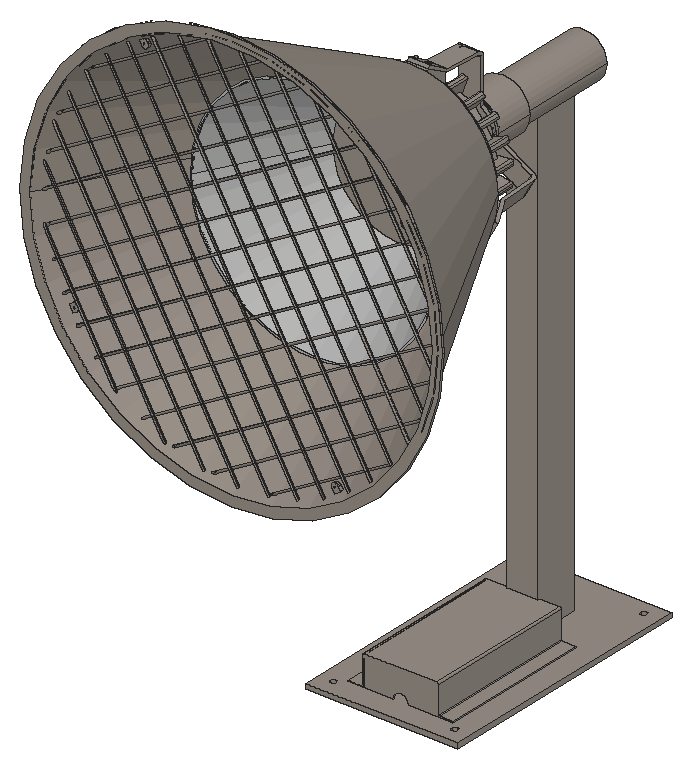
Revit family "Lighting_Wall-Mounted_Zero_City_Wall", category Lighting Fixtures, host Face, Revit 2020 (continued)
Lines and regions (mm)
  symbolic lines, detail levels fine
    curve 291: spline (-90.943, 0, 582.05) -> (-90.367, 0, 581.187) -> (-89.714, 0, 580.45) -> (-89.029, 0, 579.889) -> (-88.358, 0, 579.542) -> (-87.746, 0, 579.434) -> (-87.237, 0, 579.571) -> (-86.863, 0, 579.944) -> (-86.652, 0, 580.527) -> (-86.616, 0, 581.282) -> (-86.759, 0, 582.156) -> (-87.071, 0, 583.089) -> (-87.531, 0, 584.02)
    curve 292: spline (-87.531, 0, 584.02) -> (-88.107, 0, 584.883) -> (-88.759, 0, 585.62) -> (-89.445, 0, 586.181) -> (-90.116, 0, 586.527) -> (-90.727, 0, 586.636) -> (-91.237, 0, 586.499) -> (-91.61, 0, 586.126) -> (-91.822, 0, 585.542) -> (-91.857, 0, 584.788) -> (-91.714, 0, 583.914) -> (-91.402, 0, 582.98) -> (-90.943, 0, 582.05)
    curve 293: line (-74.933, 0, 575.179) -> (-88.933, 0, 599.428)
    curve 294: arc (95.254, 0, 619.901) -> (94.9, 0, 621.367) -> (93.622, 0, 622.169) r 2
    curve 295: arc (94.546, 0, 615.867) -> (94.924, 0, 617.879) -> (95.254, 0, 619.901) r 85.604
    curve 296: arc (92.24, 0, 614.289) -> (93.714, 0, 614.608) -> (94.546, 0, 615.867) r 2
    curve 297: line (73.53, 0, 638.34) -> (94.246, 0, 640.536)
    curve 298: arc (94.246, 0, 640.536) -> (95.576, 0, 641.249) -> (96.029, 0, 642.688) r 2
    curve 299: arc (96.029, 0, 642.688) -> (95.837, 0, 644.727) -> (95.597, 0, 646.761) r 85.604
    curve 300: arc (95.597, 0, 646.761) -> (94.852, 0, 648.073) -> (93.403, 0, 648.492) r 2
    curve 301: line (93.403, 0, 648.492) -> (72.686, 0, 646.295)
    curve 302: line (69.639, 0, 658.461) -> (88.948, 0, 666.282)
    curve 303: arc (88.948, 0, 666.282) -> (90.029, 0, 667.334) -> (90.068, 0, 668.842) r 2
    curve 304: arc (90.068, 0, 668.842) -> (89.322, 0, 670.75) -> (88.53, 0, 672.639) r 85.604
    curve 305: arc (88.53, 0, 672.639) -> (87.453, 0, 673.694) -> (85.944, 0, 673.697) r 2
    curve 306: line (85.944, 0, 673.697) -> (66.287, 0, 665.734)
    curve 307: line (55.398, 0, 683.1) -> (71.803, 0, 695.941)
    curve 308: arc (71.803, 0, 695.941) -> (73.254, 0, 696.354) -> (74.58, 0, 695.636) r 2
    curve 309: arc (74.58, 0, 695.636) -> (75.862, 0, 694.039) -> (77.105, 0, 692.411) r 85.604
    curve 310: arc (77.105, 0, 692.411) -> (77.483, 0, 690.951) -> (76.734, 0, 689.642) r 2
    curve 311: line (76.734, 0, 689.642) -> (60.329, 0, 676.801)
    curve 312: arc (60.329, 0, 676.801) -> (58.878, 0, 676.388) -> (57.551, 0, 677.106) r 2
    curve 313: arc (57.551, 0, 677.106) -> (56.27, 0, 678.703) -> (55.027, 0, 680.331) r 85.604
    curve 314: arc (55.027, 0, 680.331) -> (54.648, 0, 681.791) -> (55.398, 0, 683.1) r 2
    curve 315: line (39.865, 0, 696.527) -> (52.095, 0, 713.392)
    curve 316: arc (52.095, 0, 713.392) -> (53.376, 0, 714.189) -> (54.849, 0, 713.865) r 2
    curve 317: arc (54.849, 0, 713.865) -> (56.521, 0, 712.682) -> (58.165, 0, 711.46) r 85.604
    curve 318: arc (58.165, 0, 711.46) -> (58.931, 0, 710.161) -> (58.571, 0, 708.696) r 2
    curve 319: line (58.571, 0, 708.696) -> (46.341, 0, 691.83)
    curve 320: arc (46.341, 0, 691.83) -> (45.06, 0, 691.033) -> (43.587, 0, 691.358) r 2
    curve 321: arc (43.587, 0, 691.358) -> (41.915, 0, 692.54) -> (40.271, 0, 693.762) r 85.604
    curve 322: arc (40.271, 0, 693.762) -> (39.505, 0, 695.062) -> (39.865, 0, 696.527) r 2
    curve 323: line (21.233, 0, 705.151) -> (28.34, 0, 724.734)
    curve 324: arc (28.34, 0, 724.734) -> (29.352, 0, 725.854) -> (30.857, 0, 725.948) r 2
    curve 325: arc (30.857, 0, 725.948) -> (32.791, 0, 725.272) -> (34.707, 0, 724.551) r 85.604
    curve 326: arc (34.707, 0, 724.551) -> (35.802, 0, 723.513) -> (35.86, 0, 722.005) r 2
    curve 327: line (35.86, 0, 722.005) -> (28.753, 0, 702.422)
    curve 328: arc (28.753, 0, 702.422) -> (27.741, 0, 701.303) -> (26.236, 0, 701.209) r 2
    curve 329: arc (26.236, 0, 701.209) -> (24.302, 0, 701.884) -> (22.386, 0, 702.606) r 85.604
    curve 330: arc (22.386, 0, 702.606) -> (21.291, 0, 703.644) -> (21.233, 0, 705.151) r 2
    curve 331: line (-28.944, 0, 702.252) -> (-36.087, 0, 721.822)
    curve 332: arc (-36.087, 0, 721.822) -> (-36.032, 0, 723.33) -> (-34.939, 0, 724.37) r 2
    curve 333: arc (-34.939, 0, 724.37) -> (-33.023, 0, 725.095) -> (-31.091, 0, 725.774) r 85.604
    curve 334: arc (-31.091, 0, 725.774) -> (-29.585, 0, 725.683) -> (-28.572, 0, 724.565) r 2
    curve 335: line (-28.572, 0, 724.565) -> (-21.429, 0, 704.995)
    curve 336: arc (-21.429, 0, 704.995) -> (-21.484, 0, 703.488) -> (-22.577, 0, 702.448) r 2
    curve 337: arc (-22.577, 0, 702.448) -> (-24.492, 0, 701.722) -> (-26.425, 0, 701.043) r 85.604
    curve 338: arc (-26.425, 0, 701.043) -> (-27.93, 0, 701.135) -> (-28.944, 0, 702.252) r 2
    curve 339: line (-46.513, 0, 691.628) -> (-58.774, 0, 708.471)
    curve 340: arc (-58.774, 0, 708.471) -> (-59.136, 0, 709.936) -> (-58.372, 0, 711.237) r 2
    curve 341: arc (-58.372, 0, 711.237) -> (-56.731, 0, 712.462) -> (-55.061, 0, 713.647) r 85.604
    curve 342: arc (-55.061, 0, 713.647) -> (-53.588, 0, 713.974) -> (-52.306, 0, 713.179) r 2
    curve 343: line (-52.306, 0, 713.179) -> (-40.045, 0, 696.337)
    curve 344: arc (-40.045, 0, 696.337) -> (-39.683, 0, 694.872) -> (-40.447, 0, 693.571) r 2
    curve 345: arc (-40.447, 0, 693.571) -> (-42.088, 0, 692.346) -> (-43.758, 0, 691.161) r 85.604
    curve 346: arc (-43.758, 0, 691.161) -> (-45.231, 0, 690.834) -> (-46.513, 0, 691.628) r 2
    curve 347: line (-71.982, 0, 695.693) -> (-55.554, 0, 682.882)
    curve 348: arc (-55.554, 0, 682.882) -> (-54.802, 0, 681.574) -> (-55.178, 0, 680.113) r 2
    curve 349: arc (-55.178, 0, 680.113) -> (-56.418, 0, 678.483) -> (-57.696, 0, 676.883) r 85.604
    curve 350: arc (-57.696, 0, 676.883) -> (-59.022, 0, 676.163) -> (-60.473, 0, 676.573) r 2
    curve 351: line (-60.473, 0, 676.573) -> (-76.902, 0, 689.384)
    curve 352: arc (-76.902, 0, 689.384) -> (-77.653, 0, 690.692) -> (-77.278, 0, 692.153) r 2
    curve 353: arc (-77.278, 0, 692.153) -> (-76.038, 0, 693.783) -> (-74.759, 0, 695.383) r 85.604
    curve 354: arc (-74.759, 0, 695.383) -> (-73.434, 0, 696.103) -> (-71.982, 0, 695.693) r 2
    curve 355: line (-69.743, 0, 658.254) -> (-89.066, 0, 666.04)
    curve 356: arc (-89.066, 0, 666.04) -> (-90.149, 0, 667.09) -> (-90.191, 0, 668.598) r 2
    curve 357: arc (-90.191, 0, 668.598) -> (-89.448, 0, 670.507) -> (-88.66, 0, 672.397) r 85.604
    curve 358: arc (-88.66, 0, 672.397) -> (-87.585, 0, 673.455) -> (-86.076, 0, 673.46) r 2
    curve 359: line (-86.076, 0, 673.46) -> (-66.753, 0, 665.674)
    curve 360: arc (-66.753, 0, 665.674) -> (-65.67, 0, 664.624) -> (-65.628, 0, 663.116) r 2
    curve 361: arc (-65.628, 0, 663.116) -> (-66.371, 0, 661.207) -> (-67.159, 0, 659.317) r 85.604
    curve 362: arc (-67.159, 0, 659.317) -> (-68.235, 0, 658.259) -> (-69.743, 0, 658.254) r 2
    curve 363: line (-73.604, 0, 638.088) -> (-94.325, 0, 640.247)
    curve 364: arc (-94.325, 0, 640.247) -> (-95.656, 0, 640.958) -> (-96.111, 0, 642.396) r 2
    curve 365: arc (-96.111, 0, 642.396) -> (-95.923, 0, 644.435) -> (-95.687, 0, 646.47) r 85.604
    curve 366: arc (-95.687, 0, 646.47) -> (-94.945, 0, 647.783) -> (-93.496, 0, 648.204) r 2
    curve 367: line (-93.496, 0, 648.204) -> (-72.775, 0, 646.045)
    curve 368: arc (-72.775, 0, 646.045) -> (-71.445, 0, 645.335) -> (-70.989, 0, 643.896) r 2
    curve 369: arc (-70.989, 0, 643.896) -> (-71.177, 0, 641.857) -> (-71.413, 0, 639.823) r 85.604
    curve 370: arc (-71.413, 0, 639.823) -> (-72.156, 0, 638.509) -> (-73.604, 0, 638.088) r 2
    curve 371: arc (-20, 0, 521.311) -> (0, 0, 749.559) -> (20, 0, 521.311) r 115
    curve 372: line (-93.667, 0, 621.881) -> (-73.154, 0, 625.517)
    curve 373: arc (-73.154, 0, 625.517) -> (-71.679, 0, 625.201) -> (-70.844, 0, 623.944) r 2
    curve 374: arc (-70.844, 0, 623.944) -> (-70.463, 0, 621.932) -> (-70.129, 0, 619.911) r 85.604
    curve 375: arc (-70.129, 0, 619.911) -> (-70.481, 0, 618.444) -> (-71.757, 0, 617.64) r 2
    curve 376: line (-71.757, 0, 617.64) -> (-92.27, 0, 614.004)
    curve 377: arc (-92.27, 0, 614.004) -> (-93.746, 0, 614.32) -> (-94.58, 0, 615.577) r 2
    curve 378: arc (-94.58, 0, 615.577) -> (-94.961, 0, 617.589) -> (-95.295, 0, 619.61) r 85.604
    curve 379: arc (-95.295, 0, 619.61) -> (-94.943, 0, 621.077) -> (-93.667, 0, 621.881) r 2
    curve 380: line (-63.668, 0, 564.801) -> (-50.291, 0, 580.772)
    curve 381: arc (-50.291, 0, 580.772) -> (-48.958, 0, 581.478) -> (-47.511, 0, 581.052) r 2
    curve 382: arc (-47.511, 0, 581.052) -> (-45.925, 0, 579.755) -> (-44.371, 0, 578.422) r 85.604
    curve 383: arc (-44.371, 0, 578.422) -> (-43.697, 0, 577.072) -> (-44.158, 0, 575.635) r 2
    curve 384: line (-44.158, 0, 575.635) -> (-57.535, 0, 559.664)
    curve 385: arc (-57.535, 0, 559.664) -> (-58.868, 0, 558.959) -> (-60.315, 0, 559.385) r 2
    curve 386: arc (-60.315, 0, 559.385) -> (-61.901, 0, 560.681) -> (-63.455, 0, 562.015) r 85.604
    curve 387: arc (-63.455, 0, 562.015) -> (-64.129, 0, 563.365) -> (-63.668, 0, 564.801) r 2
    curve 388: line (-41.941, 0, 549.94) -> (-33.484, 0, 568.979)
    curve 389: arc (-33.484, 0, 568.979) -> (-32.397, 0, 570.025) -> (-30.889, 0, 570.014) r 2
    curve 390: arc (-30.889, 0, 570.014) -> (-29.007, 0, 569.205) -> (-27.146, 0, 568.352) r 85.604
    curve 391: arc (-27.146, 0, 568.352) -> (-26.126, 0, 567.24) -> (-26.173, 0, 565.732) r 2
    curve 392: line (-26.173, 0, 565.732) -> (-34.629, 0, 546.693)
    curve 393: arc (-34.629, 0, 546.693) -> (-35.716, 0, 545.647) -> (-37.225, 0, 545.658) r 2
    curve 394: arc (-37.225, 0, 545.658) -> (-39.106, 0, 546.467) -> (-40.968, 0, 547.32) r 85.604
    curve 395: arc (-40.968, 0, 547.32) -> (-41.988, 0, 548.432) -> (-41.941, 0, 549.94) r 2
    curve 396: line (50.525, 0, 580.864) -> (63.93, 0, 564.917)
    curve 397: arc (63.93, 0, 564.917) -> (64.394, 0, 563.482) -> (63.723, 0, 562.131) r 2
    curve 398: arc (63.723, 0, 562.131) -> (62.171, 0, 560.794) -> (60.588, 0, 559.495) r 85.604
    curve 399: arc (60.588, 0, 559.495) -> (59.141, 0, 559.066) -> (57.807, 0, 559.769) r 2
    curve 400: line (57.807, 0, 559.769) -> (44.401, 0, 575.716)
    curve 401: arc (44.401, 0, 575.716) -> (43.938, 0, 577.152) -> (44.609, 0, 578.503) r 2
    curve 402: arc (44.609, 0, 578.503) -> (46.161, 0, 579.839) -> (47.744, 0, 581.138) r 85.604
    curve 403: arc (47.744, 0, 581.138) -> (49.19, 0, 581.567) -> (50.525, 0, 580.864) r 2
    curve 404: line (33.739, 0, 569.04) -> (42.23, 0, 550.016)
    curve 405: arc (42.23, 0, 550.016) -> (42.28, 0, 548.509) -> (41.262, 0, 547.395) r 2
    curve 406: arc (41.262, 0, 547.395) -> (39.402, 0, 546.538) -> (37.522, 0, 545.726) r 85.604
    curve 407: arc (37.522, 0, 545.726) -> (36.014, 0, 545.712) -> (34.925, 0, 546.756) r 2
    curve 408: line (34.925, 0, 546.756) -> (26.434, 0, 565.78)
    curve 409: arc (26.434, 0, 565.78) -> (26.384, 0, 567.288) -> (27.402, 0, 568.401) r 2
    curve 410: arc (27.402, 0, 568.401) -> (29.262, 0, 569.258) -> (31.142, 0, 570.071) r 85.604
    curve 411: arc (31.142, 0, 570.071) -> (32.65, 0, 570.084) -> (33.739, 0, 569.04) r 2
    curve 412: arc (-36.26, 0, 562.729) -> (-42.578, 0, 566.284) -> (-48.549, 0, 570.393) r 80.463
    curve 413: arc (-54.681, 0, 575.531) -> (-58.275, 0, 579.077) -> (-61.596, 0, 582.88) r 67.865
    curve 414: arc (-28.948, 0, 559.483) -> (-24.181, 0, 557.815) -> (-19.302, 0, 556.506) r 67.865
    curve 415: arc (52.163, 0, 620.559) -> (57.09, 0, 646.826) -> (36.806, 0, 629.425) r 14.165
    curve 416: arc (42.872, 0, 634.559) -> (50.008, 0, 641.694) -> (57.144, 0, 634.559) r 7.136
    curve 417: arc (57.144, 0, 634.559) -> (50.008, 0, 627.423) -> (42.872, 0, 634.559) r 7.136
    curve 418: arc (-57.128, 0, 634.559) -> (-49.992, 0, 641.694) -> (-42.856, 0, 634.559) r 7.136
    curve 419: arc (-42.856, 0, 634.559) -> (-49.992, 0, 627.423) -> (-57.128, 0, 634.559) r 7.136
    curve 420: arc (-36.737, 0, 629.563) -> (-57.074, 0, 646.826) -> (-52.293, 0, 620.582) r 14.165
    curve 421: line (-29.98, 0, 633.47) -> (-31.971, 0, 632.321)
    curve 422: arc (75.605, 0, 607.024) -> (77.166, 0, 611.876) -> (79.091, 0, 616.595) r 67.021
Dimensions and locks
  equal spacing: plane 6, plane 3 "Center (Left/Right)", plane 7
  locked: plane 6 to plane 7 at 555
  "NominalDepth": plane 5 to plane 1 "Center (Front/Back)"
  locked: plane 4 to level at 912
  aligned and locked: plane 2 to host face
  aligned and locked: level to host face
Automatic sketch dimensions
  host sketch curve to host sketch curve = 2438.4 mm  (x2)
  Blend 1 sketch curve to plane 3 "Center (Left/Right)" = 0 mm  (x2)
  Blend 1 sketch curve to plane 4 = 277.441 mm  (x2)
  Blend 2 sketch curve to Blend 2 sketch curve = 0 mm  (x4)
  Blend 2 sketch curve to plane 3 "Center (Left/Right)" = 0 mm  (x2)
  Blend 2 sketch curve to plane 4 = 277.441 mm  (x2)
  Blend 2 sketch curve to Blend 2 sketch curve = 264 mm
  Blend 2 sketch curve to Blend 2 sketch curve = 118 mm
  Extrusion 3 sketch curve to Extrusion 3 sketch curve = 0 mm  (x6)
  Extrusion 3 sketch curve to plane 3 "Center (Left/Right)" = 0 mm
  Extrusion 3 sketch curve to plane 4 = 277.441 mm
  Extrusion 3 sketch curve to Extrusion 3 sketch curve = 264 mm
  Sweep 4 sketch curve to plane 5 = 259.998 mm
  Sweep 4 sketch curve to Sweep 4 sketch curve = 50.998 mm
  Sweep 4 sketch curve to Sweep 4 sketch curve = 0.262 mm
  Sweep 4 sketch curve to Sweep 4 sketch curve = 5 mm
  Sweep 4 sketch curve to plane 4 = 192.441 mm
  Sweep 4 sketch curve to Sweep 4 sketch curve = 2.686 mm
  Sweep 4 sketch curve to Sweep 4 sketch curve = 30.019 mm
  Sweep 4 sketch curve to Sweep 4 sketch curve = 65 mm
  Sweep 4 sketch curve to Sweep 4 sketch curve = 16.984 mm
  profile plane to Sweep 4 sketch curve = 2 mm
  Sweep 4 sketch curve to profile plane = 2 mm
  Sweep 4 sketch curve to profile plane = 13.992 mm
  profile plane to Sweep 4 sketch curve = 14.008 mm
  Sweep 5 sketch curve to plane 5 = 276.318 mm
  Sweep 5 sketch curve to plane 4 = 177.826 mm
  Sweep 5 sketch curve to Sweep 5 sketch curve = 1.97 mm
  Sweep 5 sketch curve to Sweep 5 sketch curve = 3.481 mm
  Sweep 5 sketch curve to profile plane = 0 mm  (x2)
  Sweep 6 sketch curve to plane 5 = 259.998 mm
  Sweep 6 sketch curve to Sweep 6 sketch curve = 50.998 mm
  Sweep 6 sketch curve to Sweep 6 sketch curve = 0.262 mm
  Sweep 6 sketch curve to Sweep 6 sketch curve = 5 mm
  Sweep 6 sketch curve to Sweep 6 sketch curve = 2.686 mm
  Sweep 6 sketch curve to Sweep 6 sketch curve = 30.019 mm
  Sweep 6 sketch curve to Sweep 6 sketch curve = 65 mm
  Sweep 6 sketch curve to Sweep 6 sketch curve = 16.984 mm
  profile plane to Sweep 6 sketch curve = 2 mm
  Sweep 6 sketch curve to profile plane = 2 mm
  Sweep 6 sketch curve to profile plane = 13.992 mm
  profile plane to Sweep 6 sketch curve = 14.008 mm
  Sweep 7 sketch curve to plane 5 = 276.318 mm
  Sweep 7 sketch curve to Sweep 7 sketch curve = 1.97 mm
  Sweep 7 sketch curve to Sweep 7 sketch curve = 3.481 mm
  profile plane to Sweep 7 sketch curve = 0 mm  (x2)
  Sweep 8 sketch curve to plane 5 = 259.998 mm
  Sweep 8 sketch curve to Sweep 8 sketch curve = 50.998 mm
  Sweep 8 sketch curve to Sweep 8 sketch curve = 0.262 mm
  Sweep 8 sketch curve to Sweep 8 sketch curve = 5 mm
  Sweep 8 sketch curve to Sweep 8 sketch curve = 2.686 mm
  Sweep 8 sketch curve to Sweep 8 sketch curve = 30.019 mm
  Sweep 8 sketch curve to Sweep 8 sketch curve = 65 mm
  Sweep 8 sketch curve to Sweep 8 sketch curve = 16.984 mm
  profile plane to Sweep 8 sketch curve = 2 mm
  Sweep 8 sketch curve to profile plane = 2 mm
  Sweep 8 sketch curve to profile plane = 13.992 mm
  profile plane to Sweep 8 sketch curve = 14.008 mm
  Sweep 9 sketch curve to plane 5 = 276.318 mm
  Sweep 9 sketch curve to Sweep 9 sketch curve = 1.97 mm
  Sweep 9 sketch curve to Sweep 9 sketch curve = 3.481 mm
  profile plane to Sweep 9 sketch curve = 0 mm
  Sweep 9 sketch curve to profile plane = 0 mm
  Extrusion 10 sketch curve to plane 3 "Center (Left/Right)" = 0 mm
  Extrusion 10 sketch curve to plane 4 = 277.448 mm
  Extrusion 11 sketch curve to Extrusion 11 sketch curve = 0 mm  (x2)
  Extrusion 11 sketch curve to plane 3 "Center (Left/Right)" = 0 mm
  Extrusion 11 sketch curve to plane 4 = 277.448 mm
  Extrusion 12 sketch curve to plane 1 "Center (Front/Back)" = 13.77 mm  (x14)
  Extrusion 12 sketch curve to Extrusion 12 sketch curve = 37 mm  (x13)
  Extrusion 13 sketch curve to plane 1 "Center (Front/Back)" = 11.27 mm  (x14)
  Extrusion 13 sketch curve to Extrusion 13 sketch curve = 37 mm  (x13)
  Revolve 14 sketch curve to plane 1 "Center (Front/Back)" = 0 mm  (x2)
  Revolve 14 sketch curve to plane 1 "Center (Front/Back)" = 293 mm
  Revolve 14 sketch curve to plane 4 = 164.941 mm
  Revolve 14 sketch curve to plane 4 = 41.193 mm
  Revolve 14 sketch curve to plane 4 = 13.941 mm
  plane 4 to Revolve 14 sketch curve = 109.807 mm
  Revolve 14 sketch curve to Revolve 14 sketch curve = 0 mm
  Revolve 14 sketch curve to Revolve 14 sketch curve = 113 mm
  Extrusion 15 sketch curve to plane 3 "Center (Left/Right)" = 226.5 mm
  Extrusion 15 sketch curve to Extrusion 15 sketch curve = 5 mm
  Extrusion 15 sketch curve to Extrusion 15 sketch curve = 7.502 mm  (x4)
  Extrusion 15 sketch curve to Extrusion 15 sketch curve = 2.5 mm  (x5)
  Extrusion 15 sketch curve to Extrusion 15 sketch curve = 0 mm  (x8)
  Extrusion 15 sketch curve to plane 4 = 56.857 mm
  Extrusion 15 sketch curve to plane 3 "Center (Left/Right)" = 133.12 mm
  Extrusion 15 sketch curve to plane 4 = 63.435 mm
  Extrusion 15 sketch curve to Extrusion 15 sketch curve = 3.798 mm
  Extrusion 15 sketch curve to Extrusion 15 sketch curve = 4.33 mm  (x4)
  Extrusion 15 sketch curve to plane 4 = 51.857 mm
  Extrusion 15 sketch curve to Extrusion 15 sketch curve = 0.533 mm
  Extrusion 15 sketch curve to plane 4 = 58.435 mm
  plane 3 "Center (Left/Right)" to Extrusion 15 sketch curve = 120.678 mm
  Extrusion 15 sketch curve to Extrusion 15 sketch curve = 4.331 mm  (x4)
  plane 3 "Center (Left/Right)" to Extrusion 15 sketch curve = 214.014 mm
  Extrusion 15 sketch curve to plane 4 = 143.78 mm
  Extrusion 15 sketch curve to Extrusion 15 sketch curve = 8.66 mm
  Extrusion 15 sketch curve to Extrusion 15 sketch curve = 334.676 mm  (x2)
  Extrusion 16 sketch curve to plane 3 "Center (Left/Right)" = 20 mm  (x2)
  plane 3 "Center (Left/Right)" to Extrusion 16 sketch curve = 20 mm  (x2)
  Extrusion 16 sketch curve to plane 5 = 120 mm
  Extrusion 16 sketch curve to plane 5 = 60 mm
  level to Extrusion 17 sketch curve = 7.007 mm
  Extrusion 17 sketch curve to plane 3 "Center (Left/Right)" = 68.99 mm
  level to Extrusion 17 sketch curve = 6.039 mm
  Extrusion 17 sketch curve to Extrusion 17 sketch curve = 0 mm
  level to Extrusion 17 sketch curve = 8.007 mm
  Extrusion 17 sketch curve to Extrusion 17 sketch curve = 17.99 mm
  Extrusion 17 sketch curve to Extrusion 17 sketch curve = 2 mm  (x2)
  plane 3 "Center (Left/Right)" to Extrusion 17 sketch curve = 48 mm
  level to Extrusion 17 sketch curve = 8.039 mm
  Extrusion 17 sketch curve to Extrusion 17 sketch curve = 0.01 mm
  Extrusion 17 sketch curve to Extrusion 17 sketch curve = 1 mm  (x2)
  Extrusion 17 sketch curve to Extrusion 17 sketch curve = 18 mm
  Extrusion 17 sketch curve to Extrusion 17 sketch curve = 35.995 mm
  Extrusion 17 sketch curve to Extrusion 17 sketch curve = 36.026 mm
  Extrusion 18 sketch curve to Extrusion 18 sketch curve = 0 mm  (x2)
  Extrusion 18 sketch curve to plane 5 = 0 mm
  Extrusion 18 sketch curve to plane 3 "Center (Left/Right)" = 100 mm  (x2)
  Extrusion 18 sketch curve to Extrusion 18 sketch curve = 20.002 mm  (x2)
  Extrusion 18 sketch curve to plane 3 "Center (Left/Right)" = 0 mm
  Extrusion 18 sketch curve to plane 5 = 20 mm  (x2)
  plane 3 "Center (Left/Right)" to Extrusion 18 sketch curve = 79.645 mm  (x2)
  Extrusion 18 sketch curve to Extrusion 18 sketch curve = 20.355 mm  (x2)
  Extrusion 18 sketch curve to Extrusion 18 sketch curve = 260 mm
  Extrusion 18 sketch curve to Extrusion 18 sketch curve = 50 mm  (x2)
  Extrusion 18 sketch curve to Extrusion 18 sketch curve = 20 mm
  Extrusion 18 sketch curve to plane 3 "Center (Left/Right)" = 20 mm
  Extrusion 19 sketch curve to plane 3 "Center (Left/Right)" = 9.823 mm
  plane 3 "Center (Left/Right)" to Extrusion 19 sketch curve = 0.177 mm
  level to Extrusion 19 sketch curve = 6.024 mm
  Revolve 20 sketch curve to plane 1 "Center (Front/Back)" = 293 mm
  Revolve 20 sketch curve to Revolve 20 sketch curve = 8.001 mm
  Revolve 20 sketch curve to Revolve 20 sketch curve = 42.501 mm
  Revolve 20 sketch curve to plane 4 = 277.441 mm
  Revolve 20 sketch curve to Revolve 20 sketch curve = 80.463 mm
  Revolve 20 sketch curve to Revolve 20 sketch curve = 27.46 mm
  Revolve 20 sketch curve to Revolve 20 sketch curve = 0 mm  (x2)
  Revolve 20 sketch curve to Revolve 20 sketch curve = 4 mm
  Extrusion 22 sketch curve to plane 3 "Center (Left/Right)" = 156.32 mm
  Extrusion 22 sketch curve to Extrusion 22 sketch curve = 1.567 mm
  Extrusion 22 sketch curve to Extrusion 22 sketch curve = 10.549 mm
  Extrusion 22 sketch curve to Extrusion 22 sketch curve = 21.848 mm
  Extrusion 22 sketch curve to plane 3 "Center (Left/Right)" = 100.891 mm
  Extrusion 22 sketch curve to Extrusion 22 sketch curve = 61.995 mm
  Extrusion 22 sketch curve to Extrusion 22 sketch curve = 0.207 mm  (x4)
  Extrusion 22 sketch curve to Extrusion 22 sketch curve = 0.414 mm  (x2)
  Extrusion 22 sketch curve to Extrusion 22 sketch curve = 0.658 mm
  Extrusion 22 sketch curve to Extrusion 22 sketch curve = 0.349 mm  (x4)
  Extrusion 22 sketch curve to Extrusion 22 sketch curve = 0.698 mm  (x2)
  Extrusion 22 sketch curve to Extrusion 22 sketch curve = 31.455 mm
  Extrusion 22 sketch curve to Extrusion 22 sketch curve = 4.43 mm
  Extrusion 22 sketch curve to Extrusion 22 sketch curve = 0.748 mm  (x4)
  Extrusion 22 sketch curve to Extrusion 22 sketch curve = 1.495 mm  (x2)
  Extrusion 22 sketch curve to Extrusion 22 sketch curve = 9.174 mm
  Extrusion 22 sketch curve to Extrusion 22 sketch curve = 1.23 mm  (x4)
  Extrusion 22 sketch curve to Extrusion 22 sketch curve = 20.721 mm
  Extrusion 22 sketch curve to Extrusion 22 sketch curve = 2.46 mm  (x2)
  Extrusion 22 sketch curve to Extrusion 22 sketch curve = 0.45 mm
  Extrusion 22 sketch curve to Extrusion 22 sketch curve = 3.032 mm
  Extrusion 22 sketch curve to Extrusion 22 sketch curve = 37.136 mm
  Extrusion 22 sketch curve to Extrusion 22 sketch curve = 8.09 mm
  Extrusion 22 sketch curve to Extrusion 22 sketch curve = 1.533 mm  (x4)
  Extrusion 22 sketch curve to Extrusion 22 sketch curve = 6.28 mm
  Extrusion 22 sketch curve to Extrusion 22 sketch curve = 3.067 mm  (x2)
  Extrusion 22 sketch curve to Extrusion 22 sketch curve = 13.208 mm
  Extrusion 22 sketch curve to Extrusion 22 sketch curve = 1.617 mm  (x4)
  Extrusion 22 sketch curve to Extrusion 22 sketch curve = 3.234 mm  (x2)
  Extrusion 22 sketch curve to Extrusion 22 sketch curve = 38.624 mm
  Extrusion 22 sketch curve to Extrusion 22 sketch curve = 13.377 mm
  Extrusion 22 sketch curve to Extrusion 22 sketch curve = 9.041 mm
  Extrusion 22 sketch curve to Extrusion 22 sketch curve = 15.594 mm
  Extrusion 22 sketch curve to Extrusion 22 sketch curve = 1.828 mm  (x4)
  Extrusion 22 sketch curve to Extrusion 22 sketch curve = 3.656 mm  (x2)
  Extrusion 22 sketch curve to Extrusion 22 sketch curve = 16.219 mm
  Extrusion 22 sketch curve to Extrusion 22 sketch curve = 1.879 mm  (x4)
  Extrusion 22 sketch curve to Extrusion 22 sketch curve = 10.674 mm
  Extrusion 22 sketch curve to Extrusion 22 sketch curve = 3.758 mm  (x2)
  Extrusion 22 sketch curve to Extrusion 22 sketch curve = 11.101 mm
  Extrusion 22 sketch curve to plane 3 "Center (Left/Right)" = 21.673 mm
  Extrusion 22 sketch curve to plane 3 "Center (Left/Right)" = 16.959 mm
  Extrusion 22 sketch curve to Extrusion 22 sketch curve = 1.981 mm  (x4)
  Extrusion 22 sketch curve to Extrusion 22 sketch curve = 12.095 mm
  Extrusion 22 sketch curve to Extrusion 22 sketch curve = 3.962 mm  (x2)
  Extrusion 22 sketch curve to plane 3 "Center (Left/Right)" = 10.78 mm
  Extrusion 22 sketch curve to Extrusion 22 sketch curve = 0.109 mm
  Extrusion 22 sketch curve to Extrusion 22 sketch curve = 0.732 mm
  Extrusion 22 sketch curve to Extrusion 22 sketch curve = 1.515 mm
  Extrusion 22 sketch curve to plane 3 "Center (Left/Right)" = 6.935 mm
  Extrusion 22 sketch curve to Extrusion 22 sketch curve = 2.182 mm
  Extrusion 22 sketch curve to Extrusion 22 sketch curve = 2.576 mm
  Extrusion 22 sketch curve to Extrusion 22 sketch curve = 2.679 mm
  Extrusion 22 sketch curve to plane 3 "Center (Left/Right)" = 1.44 mm
  plane 3 "Center (Left/Right)" to Extrusion 22 sketch curve = 1.595 mm
  plane 3 "Center (Left/Right)" to Extrusion 22 sketch curve = 3.585 mm
  Extrusion 22 sketch curve to Extrusion 22 sketch curve = 2.917 mm
  Extrusion 22 sketch curve to Extrusion 22 sketch curve = 2.682 mm
  plane 3 "Center (Left/Right)" to Extrusion 22 sketch curve = 6.424 mm
  Extrusion 22 sketch curve to Extrusion 22 sketch curve = 2.573 mm
  Extrusion 22 sketch curve to Extrusion 22 sketch curve = 1.98 mm  (x4)
  Extrusion 22 sketch curve to Extrusion 22 sketch curve = 2.186 mm
  plane 3 "Center (Left/Right)" to Extrusion 22 sketch curve = 9.342 mm
  Extrusion 22 sketch curve to Extrusion 22 sketch curve = 1.52 mm
  Extrusion 22 sketch curve to Extrusion 22 sketch curve = 0.634 mm
  Extrusion 22 sketch curve to Extrusion 22 sketch curve = 0.737 mm
  Extrusion 22 sketch curve to Extrusion 22 sketch curve = 3.961 mm  (x2)
  plane 3 "Center (Left/Right)" to Extrusion 22 sketch curve = 21.233 mm
  plane 3 "Center (Left/Right)" to Extrusion 22 sketch curve = 22.092 mm
  Extrusion 22 sketch curve to Extrusion 22 sketch curve = 1.88 mm  (x4)
  Extrusion 22 sketch curve to Extrusion 22 sketch curve = 12.089 mm
  Extrusion 22 sketch curve to Extrusion 22 sketch curve = 3.76 mm  (x2)
  Extrusion 22 sketch curve to Extrusion 22 sketch curve = 1.826 mm  (x4)
  Extrusion 22 sketch curve to Extrusion 22 sketch curve = 7.107 mm
  Extrusion 22 sketch curve to Extrusion 22 sketch curve = 3.653 mm  (x2)
  Extrusion 22 sketch curve to Extrusion 22 sketch curve = 17.661 mm
  Extrusion 22 sketch curve to Extrusion 22 sketch curve = 11.112 mm
  Extrusion 22 sketch curve to Extrusion 22 sketch curve = 1.619 mm  (x4)
  Extrusion 22 sketch curve to Extrusion 22 sketch curve = 10.662 mm
  Extrusion 22 sketch curve to Extrusion 22 sketch curve = 3.238 mm  (x2)
  Extrusion 22 sketch curve to Extrusion 22 sketch curve = 1.531 mm  (x4)
  Extrusion 22 sketch curve to Extrusion 22 sketch curve = 3.062 mm  (x2)
  Extrusion 22 sketch curve to Extrusion 22 sketch curve = 16.235 mm
  plane 3 "Center (Left/Right)" to Extrusion 22 sketch curve = 53.507 mm
  Extrusion 22 sketch curve to Extrusion 22 sketch curve = 9.057 mm
  Extrusion 22 sketch curve to Extrusion 22 sketch curve = 1.233 mm  (x4)
  Extrusion 22 sketch curve to Extrusion 22 sketch curve = 15.576 mm
  Extrusion 22 sketch curve to Extrusion 22 sketch curve = 2.466 mm  (x2)
  Extrusion 22 sketch curve to Extrusion 22 sketch curve = 42.059 mm
  Extrusion 22 sketch curve to Extrusion 22 sketch curve = 6.299 mm
  Extrusion 22 sketch curve to Extrusion 22 sketch curve = 0.751 mm  (x4)
  Extrusion 22 sketch curve to Extrusion 22 sketch curve = 1.502 mm  (x2)
  Extrusion 22 sketch curve to Extrusion 22 sketch curve = 2.088 mm
  Extrusion 22 sketch curve to Extrusion 22 sketch curve = 13.232 mm
  Extrusion 22 sketch curve to Extrusion 22 sketch curve = 0.346 mm  (x4)
  Extrusion 22 sketch curve to Extrusion 22 sketch curve = 3.054 mm
  Extrusion 22 sketch curve to Extrusion 22 sketch curve = 0.691 mm  (x2)
  Extrusion 22 sketch curve to Extrusion 22 sketch curve = 0.211 mm  (x4)
  Extrusion 22 sketch curve to Extrusion 22 sketch curve = 0.422 mm  (x2)
  Extrusion 22 sketch curve to Extrusion 22 sketch curve = 9.203 mm
  Extrusion 22 sketch curve to Extrusion 22 sketch curve = 38.661 mm
  Extrusion 22 sketch curve to Extrusion 22 sketch curve = 20.52 mm
  Extrusion 22 sketch curve to Extrusion 22 sketch curve = 4.462 mm
  Extrusion 22 sketch curve to Extrusion 22 sketch curve = 37.094 mm
  Extrusion 22 sketch curve to Extrusion 22 sketch curve = 31.51 mm
  Extrusion 22 sketch curve to Extrusion 22 sketch curve = 21.917 mm
  Extrusion 22 sketch curve to Extrusion 22 sketch curve = 61.459 mm
  Extrusion 22 sketch curve to Extrusion 22 sketch curve = 1.488 mm
  Extrusion 22 sketch curve to plane 4 = 433.055 mm
  Extrusion 22 sketch curve to Extrusion 22 sketch curve = 0.04 mm
  Extrusion 22 sketch curve to Extrusion 22 sketch curve = 12.025 mm
  Extrusion 22 sketch curve to Extrusion 22 sketch curve = 12.102 mm
  Extrusion 22 sketch curve to Extrusion 22 sketch curve = 23.158 mm
  Extrusion 22 sketch curve to Extrusion 22 sketch curve = 23.226 mm
  Extrusion 22 sketch curve to Extrusion 22 sketch curve = 61.592 mm
  Extrusion 22 sketch curve to Extrusion 22 sketch curve = 0.017 mm
  Extrusion 22 sketch curve to Extrusion 22 sketch curve = 0.277 mm  (x4)
  Extrusion 22 sketch curve to Extrusion 22 sketch curve = 0.28 mm  (x4)
  Extrusion 22 sketch curve to Extrusion 22 sketch curve = 0.553 mm  (x2)
  Extrusion 22 sketch curve to Extrusion 22 sketch curve = 0.56 mm  (x2)
  Extrusion 22 sketch curve to Extrusion 22 sketch curve = 5.05 mm
  Extrusion 22 sketch curve to Extrusion 22 sketch curve = 5.082 mm
  Extrusion 22 sketch curve to Extrusion 22 sketch curve = 0.812 mm  (x4)
  Extrusion 22 sketch curve to Extrusion 22 sketch curve = 0.815 mm  (x4)
  Extrusion 22 sketch curve to Extrusion 22 sketch curve = 1.624 mm  (x2)
  Extrusion 22 sketch curve to Extrusion 22 sketch curve = 1.63 mm  (x2)
  Extrusion 22 sketch curve to Extrusion 22 sketch curve = 9.725 mm
  Extrusion 22 sketch curve to Extrusion 22 sketch curve = 9.753 mm
  Extrusion 22 sketch curve to Extrusion 22 sketch curve = 1.284 mm  (x4)
  Extrusion 22 sketch curve to Extrusion 22 sketch curve = 1.287 mm  (x4)
  Extrusion 22 sketch curve to Extrusion 22 sketch curve = 20.633 mm
  Extrusion 22 sketch curve to Extrusion 22 sketch curve = 0.011 mm
  Extrusion 22 sketch curve to Extrusion 22 sketch curve = 2.568 mm  (x2)
  Extrusion 22 sketch curve to Extrusion 22 sketch curve = 2.574 mm  (x2)
  Extrusion 22 sketch curve to Extrusion 22 sketch curve = 3.456 mm
  Extrusion 22 sketch curve to Extrusion 22 sketch curve = 3.478 mm
  Extrusion 22 sketch curve to Extrusion 22 sketch curve = 6.656 mm
  Extrusion 22 sketch curve to Extrusion 22 sketch curve = 6.676 mm
  Extrusion 22 sketch curve to Extrusion 22 sketch curve = 42.189 mm
  Extrusion 22 sketch curve to Extrusion 22 sketch curve = 42.472 mm
  Extrusion 22 sketch curve to Extrusion 22 sketch curve = 33.232 mm
  Extrusion 22 sketch curve to Extrusion 22 sketch curve = 33.425 mm
  Extrusion 22 sketch curve to Extrusion 22 sketch curve = 1.969 mm  (x4)
  Extrusion 22 sketch curve to Extrusion 22 sketch curve = 1.97 mm  (x4)
  Extrusion 22 sketch curve to Extrusion 22 sketch curve = 3.636 mm
  Extrusion 22 sketch curve to Extrusion 22 sketch curve = 3.599 mm
  Extrusion 22 sketch curve to Extrusion 22 sketch curve = 3.939 mm  (x2)
  Extrusion 22 sketch curve to Extrusion 22 sketch curve = 3.94 mm  (x2)
  Extrusion 22 sketch curve to Extrusion 22 sketch curve = 59.882 mm
  Extrusion 22 sketch curve to Extrusion 22 sketch curve = 0.003 mm
  Extrusion 22 sketch curve to Extrusion 22 sketch curve = 0.834 mm
  Extrusion 22 sketch curve to Extrusion 22 sketch curve = 0.839 mm
  Extrusion 22 sketch curve to Extrusion 22 sketch curve = 1.606 mm
  Extrusion 22 sketch curve to Extrusion 22 sketch curve = 1.611 mm
  Extrusion 22 sketch curve to Extrusion 22 sketch curve = 6.223 mm
  Extrusion 22 sketch curve to Extrusion 22 sketch curve = 6.347 mm
  Extrusion 22 sketch curve to Extrusion 22 sketch curve = 3.034 mm  (x2)
  Extrusion 22 sketch curve to Extrusion 22 sketch curve = 12.571 mm
  Extrusion 22 sketch curve to Extrusion 22 sketch curve = 12.572 mm
  Extrusion 22 sketch curve to Extrusion 22 sketch curve = 2.946 mm
  Extrusion 22 sketch curve to Extrusion 22 sketch curve = 2.945 mm
  Extrusion 22 sketch curve to Extrusion 22 sketch curve = 1.989 mm  (x8)
  Extrusion 22 sketch curve to Extrusion 22 sketch curve = 18.366 mm
  Extrusion 22 sketch curve to Extrusion 22 sketch curve = 18.367 mm
  Extrusion 22 sketch curve to Extrusion 22 sketch curve = 2.63 mm
  Extrusion 22 sketch curve to Extrusion 22 sketch curve = 2.628 mm
  Extrusion 22 sketch curve to Extrusion 22 sketch curve = 2.111 mm
  Extrusion 22 sketch curve to Extrusion 22 sketch curve = 2.107 mm
  Extrusion 22 sketch curve to Extrusion 22 sketch curve = 3.978 mm  (x4)
  Extrusion 22 sketch curve to Extrusion 22 sketch curve = 1.428 mm
  Extrusion 22 sketch curve to Extrusion 22 sketch curve = 1.423 mm
  Extrusion 22 sketch curve to Extrusion 22 sketch curve = 43.738 mm
  Extrusion 22 sketch curve to Extrusion 22 sketch curve = 43.74 mm
  Extrusion 22 sketch curve to Extrusion 22 sketch curve = 12.208 mm
  Extrusion 22 sketch curve to Extrusion 22 sketch curve = 12.203 mm
  Extrusion 22 sketch curve to Extrusion 22 sketch curve = 1.855 mm  (x4)
  Extrusion 22 sketch curve to Extrusion 22 sketch curve = 1.854 mm  (x4)
  Extrusion 22 sketch curve to Extrusion 22 sketch curve = 3.71 mm  (x2)
  Extrusion 22 sketch curve to Extrusion 22 sketch curve = 3.707 mm  (x2)
  Extrusion 22 sketch curve to Extrusion 22 sketch curve = 17.836 mm
  Extrusion 22 sketch curve to Extrusion 22 sketch curve = 17.828 mm
  Extrusion 22 sketch curve to Extrusion 22 sketch curve = 10.9 mm
  Extrusion 22 sketch curve to Extrusion 22 sketch curve = 10.888 mm
  Extrusion 22 sketch curve to Extrusion 22 sketch curve = 1.577 mm  (x4)
  Extrusion 22 sketch curve to Extrusion 22 sketch curve = 1.575 mm  (x4)
  Extrusion 22 sketch curve to Extrusion 22 sketch curve = 3.154 mm  (x2)
  Extrusion 22 sketch curve to Extrusion 22 sketch curve = 3.15 mm  (x2)
  Extrusion 22 sketch curve to Extrusion 22 sketch curve = 15.924 mm
  Extrusion 22 sketch curve to Extrusion 22 sketch curve = 15.907 mm
  Extrusion 22 sketch curve to Extrusion 22 sketch curve = 8.746 mm
  Extrusion 22 sketch curve to Extrusion 22 sketch curve = 8.73 mm
  Extrusion 22 sketch curve to Extrusion 22 sketch curve = 1.177 mm  (x4)
  Extrusion 22 sketch curve to Extrusion 22 sketch curve = 1.174 mm  (x4)
  Extrusion 22 sketch curve to Extrusion 22 sketch curve = 42.475 mm
  Extrusion 22 sketch curve to Extrusion 22 sketch curve = 42.456 mm
  Extrusion 22 sketch curve to Extrusion 22 sketch curve = 2.354 mm  (x2)
  Extrusion 22 sketch curve to Extrusion 22 sketch curve = 2.348 mm  (x2)
  Extrusion 22 sketch curve to Extrusion 22 sketch curve = 5.916 mm
  Extrusion 22 sketch curve to Extrusion 22 sketch curve = 5.895 mm
  Extrusion 22 sketch curve to Extrusion 22 sketch curve = 0.686 mm  (x4)
  Extrusion 22 sketch curve to Extrusion 22 sketch curve = 0.682 mm  (x4)
  Extrusion 22 sketch curve to Extrusion 22 sketch curve = 1.372 mm  (x2)
  Extrusion 22 sketch curve to Extrusion 22 sketch curve = 1.365 mm  (x2)
  Extrusion 22 sketch curve to Extrusion 22 sketch curve = 12.778 mm
  Extrusion 22 sketch curve to Extrusion 22 sketch curve = 12.754 mm
  Extrusion 22 sketch curve to Extrusion 22 sketch curve = 8.643 mm
  Extrusion 22 sketch curve to Extrusion 22 sketch curve = 8.613 mm
  Extrusion 22 sketch curve to Extrusion 22 sketch curve = 37.922 mm
  Extrusion 22 sketch curve to Extrusion 22 sketch curve = 37.882 mm
  Extrusion 22 sketch curve to Extrusion 22 sketch curve = 30.431 mm
  Extrusion 22 sketch curve to Extrusion 22 sketch curve = 30.374 mm
  Extrusion 22 sketch curve to Extrusion 22 sketch curve = 20.582 mm
  Extrusion 22 sketch curve to Extrusion 22 sketch curve = 20.512 mm
  Extrusion 22 sketch curve to Extrusion 22 sketch curve = 0 mm  (x36)
  Extrusion 23 sketch curve to Extrusion 23 sketch curve = 0 mm  (x8)
  Extrusion 23 sketch curve to plane 3 "Center (Left/Right)" = 49.992 mm
  plane 3 "Center (Left/Right)" to Extrusion 23 sketch curve = 0.008 mm
  Extrusion 23 sketch curve to Extrusion 23 sketch curve = 50 mm
  Extrusion 23 sketch curve to plane 4 = 277.441 mm
  Blend 24 sketch curve to plane 3 "Center (Left/Right)" = 0 mm  (x2)
  Blend 24 sketch curve to plane 4 = 277.941 mm  (x2)
  Blend 25 sketch curve to Blend 25 sketch curve = 0 mm  (x4)
  Blend 25 sketch curve to plane 3 "Center (Left/Right)" = 0 mm  (x2)
  Blend 25 sketch curve to plane 4 = 277.941 mm  (x2)
  Blend 25 sketch curve to Blend 25 sketch curve = 159.492 mm
  Blend 25 sketch curve to Blend 25 sketch curve = 85.621 mm
  Extrusion 26 sketch curve to plane 5 = 296 mm
  Extrusion 26 sketch curve to Extrusion 26 sketch curve = 3.862 mm
  Extrusion 26 sketch curve to Extrusion 26 sketch curve = 27.138 mm
  Extrusion 26 sketch curve to Extrusion 26 sketch curve = 20.288 mm
  Extrusion 26 sketch curve to Extrusion 26 sketch curve = 15.354 mm
  Extrusion 27 sketch curve to plane 5 = 296 mm
  Extrusion 27 sketch curve to Extrusion 27 sketch curve = 2.236 mm
  Extrusion 27 sketch curve to Extrusion 27 sketch curve = 28.764 mm
  Extrusion 27 sketch curve to Extrusion 27 sketch curve = 20.288 mm
  Extrusion 27 sketch curve to Extrusion 27 sketch curve = 16.274 mm
  Extrusion 28 sketch curve to plane 3 "Center (Left/Right)" = 48.834 mm
  Extrusion 28 sketch curve to Extrusion 28 sketch curve = 1 mm  (x3)
  plane 3 "Center (Left/Right)" to Extrusion 28 sketch curve = 48.166 mm
  level to Extrusion 28 sketch curve = 6.039 mm
  Extrusion 28 sketch curve to Extrusion 28 sketch curve = 0.021 mm
  Extrusion 28 sketch curve to Extrusion 28 sketch curve = 36.994 mm
  Extrusion 29 sketch curve to plane 3 "Center (Left/Right)" = 0 mm
  Extrusion 29 sketch curve to plane 4 = 277.441 mm
  Extrusion 29 sketch curve to Extrusion 29 sketch curve = 107.923 mm
  Extrusion 29 sketch curve to Extrusion 29 sketch curve = 0 mm  (x2)
  Extrusion 29 sketch curve to Extrusion 29 sketch curve = 10 mm
  Extrusion 21 sketch curve to plane 5 = 296 mm
  Extrusion 21 sketch curve to Extrusion 21 sketch curve = 2.893 mm
  Extrusion 21 sketch curve to Extrusion 21 sketch curve = 28.107 mm
  Extrusion 21 sketch curve to plane 4 = 205.018 mm
  Extrusion 21 sketch curve to Extrusion 21 sketch curve = 20.788 mm
  Extrusion 21 sketch curve to Extrusion 21 sketch curve = 15.902 mm
  plane 1 "Center (Front/Back)" to Extrusion 30 sketch curve = 0 mm
  Extrusion 30 sketch curve to plane 6 = 0 mm
  Extrusion 30 sketch curve to plane 7 = 0 mm
  Extrusion 30 sketch curve to plane 5 = 0 mm
  plane 1 "Center (Front/Back)" to curve 104 = 0 mm
  curve 104 to plane 6 = 0 mm
  curve 113 to plane 5 = 0 mm
  curve 173 to plane 3 "Center (Left/Right)" = 0 mm
  curve 175 to plane 3 "Center (Left/Right)" = 0 mm
  curve 124 to plane 7 = 0 mm
  curve 106 to plane 1 "Center (Front/Back)" = 2 mm
  curve 104 to curve 106 = 8.561 mm
  curve 107 to plane 3 "Center (Left/Right)" = 115 mm
  curve 106 to curve 109 = 7.077 mm
  curve 108 to curve 111 = 4.48 mm
  curve 111 to curve 110 = 3.443 mm
  curve 111 to curve 113 = 3.443 mm
  curve 113 to plane 3 "Center (Left/Right)" = 100 mm
  curve 112 to curve 131 = 3.882 mm
  curve 130 to curve 153 = 9.487 mm
  curve 155 to curve 152 = 3.459 mm
  curve 151 to curve 150 = 2.595 mm
  curve 154 to curve 150 = 0 mm
  curve 155 to curve 161 = 11.405 mm
  curve 199 to plane 3 "Center (Left/Right)" = 68.99 mm
  curve 130 to curve 135 = 35.168 mm
  curve 135 to curve 140 = 16.872 mm
  curve 204 to plane 3 "Center (Left/Right)" = 30 mm
  curve 139 to curve 144 = 20.3 mm
  curve 143 to curve 132 = 2.469 mm
  curve 131 to curve 145 = 4.33 mm
  curve 144 to curve 129 = 9.785 mm
  plane 3 "Center (Left/Right)" to curve 128 = 13.992 mm
  curve 192 to curve 192 = 2.986 mm
  curve 192 to curve 179 = 4.33 mm
  curve 179 to curve 190 = 2.469 mm
  plane 3 "Center (Left/Right)" to curve 205 = 30 mm
  curve 205 to curve 206 = 5 mm
  curve 190 to curve 187 = 20.3 mm
  curve 186 to curve 182 = 16.872 mm
  curve 202 to curve 201 = 38.99 mm
  curve 207 to curve 166 = 34.171 mm
  curve 166 to curve 158 = 11.36 mm
  curve 154 to curve 158 = 0 mm
  curve 156 to curve 198 = 2.595 mm
  curve 198 to curve 197 = 3.459 mm
  curve 182 to curve 178 = 35.168 mm
  curve 177 to curve 118 = 3.869 mm
  curve 204 to curve 115 = 70 mm
  curve 117 to curve 117 = 3.412 mm
  curve 118 to curve 120 = 7.936 mm
  curve 120 to curve 122 = 7.077 mm
  curve 122 to plane 7 = 8.561 mm
  curve 107 to plane 1 "Center (Front/Back)" = 293 mm
  curve 120 to curve 118 = 8.001 mm
  curve 149 to curve 128 = 0 mm
  curve 109 to curve 148 = 4.997 mm
  curve 118 to curve 118 = 4.997 mm
  curve 110 to curve 111 = 1.97 mm
  curve 117 to curve 116 = 1.97 mm
  curve 116 to curve 116 = 6.936 mm
  curve 111 to curve 112 = 7.028 mm
  curve 144 to curve 144 = 34.5 mm
  curve 191 to curve 190 = 34.5 mm
  curve 190 to curve 187 = 0 mm
  curve 140 to curve 143 = 0 mm
  curve 186 to curve 182 = 0 mm
  curve 136 to curve 139 = 0 mm
  curve 193 to curve 192 = 6.499 mm
  curve 112 to curve 130 = 27.004 mm
  curve 131 to curve 145 = 0 mm
  curve 192 to curve 179 = 0 mm
  curve 152 to curve 152 = 46.158 mm
  curve 198 to curve 198 = 46.158 mm
  curve 166 to curve 157 = 0 mm
  curve 151 to curve 161 = 0 mm
  curve 152 to curve 153 = 0.209 mm
  curve 198 to curve 197 = 0.209 mm
  curve 198 to curve 158 = 2.843 mm
  curve 151 to curve 150 = 2.843 mm
  curve 150 to curve 154 = 4 mm
  curve 207 to curve 206 = 49.999 mm
  curve 206 to curve 201 = 33.501 mm
  curve 206 to curve 199 = 33.501 mm
  curve 205 to plane 5 = 19.001 mm
  curve 130 to curve 133 = 5.927 mm
  curve 133 to curve 153 = 1.456 mm
  curve 153 to curve 152 = 3.469 mm
  curve 133 to curve 134 = 12.913 mm
  curve 134 to curve 161 = 6.012 mm
  curve 161 to curve 163 = 0.181 mm
  curve 199 to curve 163 = 0 mm
  curve 162 to curve 162 = 2.595 mm
  curve 135 to curve 137 = 1.865 mm
  curve 164 to curve 139 = 5.953 mm
  curve 164 to curve 165 = 0.03 mm
  curve 139 to curve 142 = 4.521 mm
  curve 138 to curve 139 = 3.295 mm
  curve 165 to curve 208 = 15 mm
  curve 208 to curve 160 = 5.02 mm
  curve 175 to plane 3 "Center (Left/Right)" = 3.837 mm
  plane 3 "Center (Left/Right)" to curve 175 = 3.837 mm
  curve 175 to curve 174 = 0.163 mm
  curve 175 to curve 175 = 0.163 mm
  curve 159 to curve 207 = 5.023 mm
  curve 188 to curve 187 = 7.817 mm
  curve 188 to curve 185 = 3.295 mm
  curve 170 to curve 201 = 18.99 mm
  curve 186 to curve 169 = 5.953 mm
  curve 184 to curve 182 = 1.865 mm
  curve 167 to curve 166 = 2.595 mm
  curve 184 to curve 168 = 9.905 mm
  curve 167 to curve 201 = 2.414 mm
  curve 168 to curve 166 = 2.276 mm
  curve 166 to curve 181 = 6.012 mm
  curve 181 to curve 198 = 7.943 mm
  curve 198 to curve 197 = 3.469 mm
  curve 180 to curve 177 = 5.927 mm
  curve 115 to curve 194 = 0 mm
  curve 117 to curve 195 = 0.013 mm
  curve 128 to curve 171 = 4.997 mm
  curve 117 to curve 195 = 0 mm
  curve 171 to curve 172 = 1.97 mm
  curve 148 to curve 112 = 0.199 mm
  curve 195 to curve 115 = 0.107 mm
  curve 115 to curve 194 = 0.092 mm
  curve 172 to curve 173 = 11.203 mm
  curve 174 to curve 175 = 1.512 mm
  curve 175 to curve 175 = 0.985 mm
  curve 195 to curve 194 = 8.123 mm
  curve 148 to curve 147 = 8.123 mm
  curve 190 to curve 176 = 2.077 mm
  curve 142 to curve 138 = 2.519 mm
  curve 189 to curve 185 = 2.519 mm
  curve 155 to curve 151 = 0.157 mm
  curve 167 to curve 167 = 0.157 mm
  curve 157 to curve 157 = 0.157 mm
  curve 151 to curve 155 = 0 mm
  curve 156 to curve 157 = 0 mm
  curve 162 to curve 162 = 0.157 mm
  curve 113 to curve 210 = 20.002 mm
  curve 209 to plane 5 = 20 mm
  curve 210 to curve 209 = 3.999 mm
  curve 211 to curve 212 = 0 mm  (x2)
  curve 212 to curve 114 = 20.355 mm
  curve 212 to plane 5 = 20 mm
  curve 211 to curve 211 = 3.999 mm
  curve 10 to curve 68 = 0 mm  (x2)
  curve 21 to plane 1 "Center (Front/Back)" = 0 mm
  curve 17 to plane 4 = 0 mm
  curve 38 to level = 0 mm
  curve 39 to plane 5 = 0 mm
  curve 18 to curve 17 = 2 mm
  curve 38 to plane 1 "Center (Front/Back)" = 247.001 mm
  level to curve 40 = 6.039 mm
  curve 37 to curve 40 = 30.52 mm
  curve 103 to plane 1 "Center (Front/Back)" = 293 mm
  curve 23 to curve 71 = 8.001 mm
  curve 94 to curve 59 = 4.997 mm
  curve 71 to curve 14 = 4.997 mm
  curve 60 to curve 62 = 1.97 mm
  curve 13 to plane 4 = 166.037 mm
  curve 13 to curve 13 = 1.97 mm
  curve 57 to curve 92 = 24.033 mm
  curve 92 to curve 86 = 3.5 mm
  curve 80 to curve 84 = 0 mm
  curve 75 to curve 75 = 34.5 mm
  curve 78 to curve 76 = 0 mm
  curve 92 to curve 55 = 4.427 mm
  curve 55 to curve 58 = 1.15 mm
  curve 75 to curve 12 = 2.077 mm
  curve 58 to curve 27 = 4.422 mm
  curve 80 to curve 82 = 6.499 mm
  curve 84 to curve 89 = 6.499 mm
  curve 96 to curve 96 = 6.499 mm
  curve 11 to curve 72 = 4.422 mm
  curve 73 to curve 68 = 46.001 mm
  curve 10 to curve 69 = 0.157 mm
  curve 89 to curve 55 = 46.158 mm
  curve 69 to curve 11 = 0.209 mm
  curve 55 to curve 53 = 0.209 mm
  curve 28 to curve 53 = 0 mm
  curve 10 to curve 51 = 3 mm
  curve 49 to curve 48 = 4 mm
  curve 8 to curve 8 = 49.999 mm
  level to curve 34 = 46.033 mm
  curve 34 to plane 5 = 120 mm
  curve 34 to curve 42 = 1.5 mm
  level to curve 40 = 6.024 mm
  curve 42 to curve 40 = 58.5 mm
  curve 5 to plane 5 = 19.001 mm
  level to curve 21 = 357.117 mm
  curve 19 to curve 19 = 8.502 mm
  curve 23 to curve 12 = 226.404 mm
  curve 22 to curve 24 = 7.077 mm
  curve 24 to curve 71 = 12.178 mm
  curve 25 to curve 26 = 0.034 mm
  curve 25 to curve 95 = 27.994 mm
  curve 61 to curve 60 = 1.741 mm
  curve 61 to curve 101 = 8.376 mm
  curve 58 to curve 101 = 0.038 mm
  curve 27 to curve 28 = 1.215 mm
  curve 29 to curve 31 = 3.495 mm
  curve 60 to curve 59 = 22.508 mm
  curve 57 to curve 56 = 1.741 mm
  curve 58 to curve 58 = 24.249 mm
  curve 31 to curve 30 = 19.62 mm
  curve 30 to curve 53 = 1.212 mm
  curve 53 to curve 55 = 1.973 mm
  curve 52 to curve 55 = 1.997 mm
  curve 30 to curve 4 = 5 mm
  curve 30 to curve 34 = 5 mm
  curve 92 to curve 92 = 6.502 mm
  curve 3 to curve 45 = 7.483 mm
  curve 32 to curve 45 = 7.483 mm
  curve 92 to curve 90 = 7.319 mm
  curve 91 to curve 86 = 10.364 mm
  curve 84 to curve 87 = 1.18 mm
  curve 87 to curve 83 = 12.56 mm
  curve 82 to curve 85 = 0.811 mm
  curve 82 to curve 82 = 10.425 mm
  curve 81 to curve 97 = 9.751 mm
  curve 96 to curve 80 = 2.547 mm
  curve 4 to curve 5 = 60 mm
  curve 6 to curve 9 = 5 mm
  curve 79 to curve 97 = 13.08 mm
  curve 97 to curve 100 = 2.241 mm
  curve 100 to curve 77 = 4.656 mm
  curve 77 to curve 75 = 16.388 mm
  curve 8 to curve 10 = 50.007 mm
  curve 75 to curve 99 = 28.608 mm
  curve 70 to curve 11 = 3.437 mm
  curve 14 to curve 15 = 7.077 mm
  curve 17 to curve 17 = 8.502 mm
  curve 57 to curve 63 = 11.203 mm
  curve 64 to curve 63 = 0.833 mm
  curve 64 to curve 63 = 0 mm
  curve 64 to curve 63 = 3.481 mm
  curve 91 to curve 55 = 0.927 mm
  curve 88 to curve 82 = 2.519 mm
  curve 52 to curve 54 = 0.157 mm
  curve 29 to curve 29 = 0.366 mm
  curve 54 to curve 52 = 0 mm  (x2)
  curve 54 to curve 51 = 0 mm
  level to curve 42 = 6.024 mm
  curve 36 to curve 41 = 0.968 mm
  curve 26 to curve 67 = 6.81 mm
  curve 66 to curve 61 = 8.044 mm
  curve 60 to curve 65 = 0.036 mm
  curve 64 to curve 57 = 10.975 mm
  curve 63 to curve 64 = 0 mm
  curve 63 to curve 64 = 2.012 mm
  curve 64 to curve 64 = 0.985 mm
  curve 54 to curve 54 = 1.498 mm
  curve 54 to curve 51 = 0.293 mm
  curve 51 to curve 50 = 28.918 mm
  curve 82 to curve 88 = 0.004 mm
  curve 49 to curve 8 = 8.463 mm
  curve 76 to curve 75 = 1.039 mm
  curve 73 to curve 72 = 11.556 mm
  curve 69 to curve 72 = 0.8 mm
  curve 232 to curve 233 = 0 mm  (x3)
  curve 232 to curve 234 = 0 mm  (x2)
  curve 233 to curve 234 = 0 mm  (x3)
  curve 213 to curve 216 = 31.026 mm
  curve 215 to curve 216 = 17.99 mm
  curve 217 to curve 218 = 36.04 mm
  curve 219 to curve 219 = 2 mm  (x2)
  curve 219 to curve 220 = 28 mm
  curve 221 to curve 234 = 277.5 mm
  curve 221 to curve 236 = 44.809 mm
  curve 221 to curve 230 = 40 mm
  curve 230 to curve 229 = 28.003 mm
  curve 228 to curve 227 = 2 mm  (x2)
  curve 226 to curve 225 = 1.414 mm
  curve 225 to curve 224 = 18.007 mm  (x2)
  curve 224 to curve 231 = 31.57 mm
  curve 213 to curve 215 = 31.59 mm
  curve 214 to curve 215 = 0.983 mm
  curve 235 to curve 225 = 18.034 mm
  curve 226 to curve 227 = 36.026 mm
  curve 237 to curve 230 = 311.747 mm
  curve 221 to curve 232 = 277.5 mm
  curve 236 to curve 236 = 9.999 mm
  curve 238 to curve 258 = 0 mm  (x4)
  curve 238 to curve 259 = 0 mm  (x4)
  curve 238 to curve 260 = 0 mm  (x4)
  curve 238 to curve 261 = 0 mm  (x4)
  curve 238 to curve 262 = 0 mm  (x4)
  curve 238 to curve 412 = 0 mm  (x4)
  curve 239 to curve 240 = 0 mm  (x4)
  curve 239 to curve 271 = 0 mm  (x3)
  curve 239 to curve 279 = 0 mm  (x4)
  curve 240 to curve 279 = 0 mm  (x4)
  curve 243 to curve 245 = 0 mm  (x6)
  curve 243 to curve 246 = 0 mm  (x4)
  curve 243 to curve 247 = 0 mm  (x6)
  curve 247 to curve 250 = 0 mm  (x3)
  curve 248 to curve 250 = 0 mm  (x3)
  curve 249 to curve 250 = 0 mm  (x3)
  curve 258 to curve 271 = 0 mm  (x3)
  curve 259 to curve 271 = 0 mm  (x3)
  curve 259 to curve 371 = 0 mm  (x3)
  curve 260 to curve 271 = 0 mm  (x3)
  curve 261 to curve 271 = 0 mm  (x4)
  curve 262 to curve 271 = 0 mm  (x5)
  curve 262 to curve 281 = 0 mm  (x3)
  curve 263 to curve 267 = 0 mm  (x4)
  curve 263 to curve 271 = 0 mm  (x4)
  curve 263 to curve 371 = 0 mm  (x4)
  curve 267 to curve 271 = 0 mm  (x4)
  curve 271 to curve 412 = 0 mm  (x4)
  curve 277 to curve 278 = 0 mm  (x4)
  curve 277 to curve 280 = 0 mm  (x6)
  curve 277 to curve 412 = 0 mm  (x4)
  curve 278 to curve 279 = 0 mm  (x6)
  curve 279 to curve 371 = 0 mm  (x3)
  curve 280 to curve 281 = 0 mm  (x4)
  curve 415 to curve 416 = 0 mm  (x4)
  curve 418 to curve 420 = 0 mm  (x6)
  curve 369 to curve 374 = 43.766 mm
  curve 369 to curve 361 = 43.766 mm  (x2)
  curve 361 to curve 349 = 43.766 mm  (x2)
  curve 374 to curve 290 = 53.731 mm
  curve 289 to curve 382 = 76.966 mm
  curve 289 to curve 363 = 50.033 mm
  curve 363 to curve 364 = 2 mm  (x2)
  curve 364 to curve 366 = 4 mm  (x2)
  curve 364 to curve 372 = 18.378 mm
  curve 366 to curve 367 = 2 mm  (x2)
  curve 379 to curve 379 = 2 mm
  curve 379 to curve 377 = 4 mm
  curve 349 to curve 345 = 43.766 mm  (x2)
  curve 377 to curve 376 = 2 mm
  curve 289 to curve 289 = 28 mm
  curve 367 to curve 355 = 18.378 mm  (x2)
  curve 355 to curve 356 = 2 mm  (x2)
  curve 356 to curve 358 = 4 mm  (x2)
  curve 358 to curve 359 = 2 mm  (x2)
  curve 359 to curve 351 = 18.378 mm  (x2)
  curve 351 to curve 352 = 2 mm  (x2)
  curve 364 to curve 363 = 20.833 mm
  curve 363 to curve 370 = 2 mm  (x2)
  curve 352 to curve 354 = 4 mm  (x2)
  curve 370 to curve 372 = 12.579 mm
  curve 370 to curve 368 = 4 mm  (x2)
  curve 373 to curve 373 = 2 mm
  curve 368 to curve 367 = 2 mm  (x2)
  curve 373 to curve 375 = 4 mm
  curve 354 to curve 347 = 2 mm  (x2)
  curve 375 to curve 376 = 2 mm
  curve 367 to curve 355 = 12.579 mm  (x2)
  curve 355 to curve 362 = 2 mm  (x2)
  curve 362 to curve 360 = 4 mm  (x2)
  curve 360 to curve 359 = 2 mm  (x2)
  curve 382 to curve 390 = 43.766 mm
  curve 288 to curve 380 = 25.851 mm
  curve 380 to curve 387 = 2 mm
  curve 359 to curve 351 = 12.579 mm  (x2)
  curve 351 to curve 350 = 2 mm  (x2)
  curve 387 to curve 385 = 4 mm
  curve 347 to curve 339 = 18.378 mm  (x2)
  curve 385 to curve 384 = 2 mm
  curve 339 to curve 340 = 2 mm  (x2)
  curve 350 to curve 348 = 4 mm  (x2)
  curve 348 to curve 347 = 2 mm  (x2)
  curve 340 to curve 342 = 4 mm  (x2)
  curve 345 to curve 337 = 43.766 mm  (x2)
  curve 342 to curve 343 = 2 mm  (x2)
  curve 387 to curve 380 = 20.833 mm
  curve 363 to curve 420 = 23.875 mm
  curve 380 to curve 381 = 2 mm
  curve 347 to curve 339 = 12.579 mm  (x2)
  curve 381 to curve 383 = 4 mm
  curve 339 to curve 346 = 2 mm  (x2)
  curve 383 to curve 384 = 2 mm
  curve 384 to curve 388 = 18.378 mm
  curve 346 to curve 344 = 4 mm  (x2)
  curve 388 to curve 395 = 2 mm
  curve 344 to curve 343 = 2 mm  (x2)
  curve 395 to curve 393 = 4 mm
  curve 342 to curve 331 = 18.378 mm  (x2)
  curve 393 to curve 392 = 2 mm
  curve 332 to curve 332 = 2 mm  (x2)
  curve 384 to curve 388 = 12.579 mm
  curve 388 to curve 389 = 2 mm
